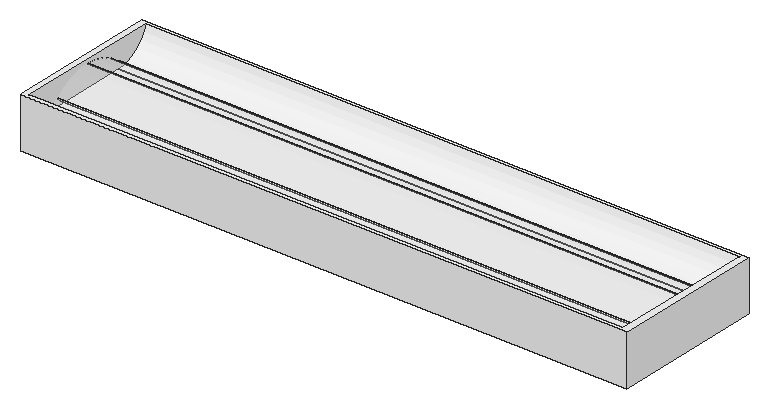
Revit family "TCAT14-G", category Lighting Fixtures, host Face, Revit 2021
Family settings
  Host = Face
  Round Connector Dimension = Use Diameter
  Part Type = Normal
  OmniClass Number = 23.80.70.11
  OmniClass Title = Luminaries for Internal Lighting
  Cut with Voids When Loaded = No
  Light Source = No
  Shared = No
  Room Calculation Point = No
Parameters (values of type "TCAT14")
  zz Length = Row Length - 1.000"  # 47.000"
  Width = 12.000"
  Warranty = "Five-year warranty"  # constant formula
  Voltage = 120 V
  Wattage Comments = "21-58 W"  # constant formula
  URL = "https://www.currentlighting.com/columbia"
  Product Page URL = ""
  Product Documentation Link = ""
  Photometric Web = Web TCAT14 : TCAT14-30VWx-EDU
  Model = "TCAT14"  # constant formula
  Manufacturer = "Columbia Lighting"  # constant formula
  Row Length = 48.000"
  Load Classification = Lighting
  Lamp = "LED lamp"  # constant formula
  Light Bulb = White Glass
  Description = "1'x 4' LED Twin Contemporary Architectural Troffer"  # constant formula
  Default Elevation = 48.000"
  Certifications = "UL1598, 2108 & CSA"  # constant formula
  Backbox = White
  Apparent Load = 0 VA
Reference planes (in)
  plane 1 "Center (Front/Back)": y = 0.03999
  plane 2: z = 0
  plane 3 "Center (Left/Right)": x = 1.66944
  plane 4: x = -22.33056
  plane 5: x = 25.66944
  plane 6: z = -4
  plane 7: y = -5.96001
  plane 8: y = 6.03999
Forms (in)
  Extrusion 1, void
    sketch origin (0, 0.03999, 0) x (1, 0, 0) y (0, 0, 1)
      loop
        line (-22.33056, 0) -> (-22.33056, -4) -> (25.66944, -4) -> (25.66944, 0) -> (-22.33056, 0)
    from -6 to 6
Dimensions and locks (in)
  equal spacing: plane 5, plane 3 "Center (Left/Right)", plane 4
  "Row Length": plane 5 to plane 4
  equal spacing: plane 7, plane 1 "Center (Front/Back)", plane 8
  "Width": plane 7 to plane 8
  aligned and locked: plane 2 to host face
  aligned and locked: level to host face
  aligned and locked: Extrusion 1 sketch curve to level
  aligned and locked: plane 4 to Extrusion 1 sketch curve
  aligned and locked: Extrusion 1 sketch curve to plane 5
  aligned and locked: plane 6 to Extrusion 1 sketch curve
  aligned and locked: Extrusion 1 to plane 8
  aligned and locked: plane 3 "Center (Left/Right)" to nested 1
  aligned and locked: plane 1 "Center (Front/Back)" to nested 1
  aligned and locked: Extrusion 1 to plane 7
  aligned and locked: nested 1 to nested 2
  aligned and locked: nested 2 to nested 1
Automatic sketch dimensions
  host sketch curve to host sketch curve = 96.000"  (x2)
Nested families (in)
  nested 1: "LED Contemporary Architectural Troffer" at (1.66944, 0.03999, -4), Glass <- "Light Bulb", Finish <- "Backbox", Width <- "Width", Row Length <- "Row Length", type "LED Contemporary Architectural Troffer"
    with Width 12.000", Row Length 48.000", Height 4.000", Glass White Glass, Finish White
  nested 2: "Web TCAT14" at (1.62945, -0.19897, -2) x (0, -1, 0) z (0, 0, 1), type <- "Photometric Web", type "TCAT14-30VWx-EDU"
Connectors (in)
  electrical at (1.66944, 0.03999, -4), driven by "Voltage", driven by "Load Classification", driven by "Apparent Load"
    settings: on nested 1, index 1, voltage 120 V, apparent load 0 VA, apparent load phase1 0 VA, apparent load phase2 0 VA, apparent load phase3 0 VA, power factor 1, load classification "Lighting", number of poles 1, system type 30, power factor state 1, is connector primary yes, connector utility no, sub classification motor no, connector description "Lighting Connector"
Definition of nested family "LED Contemporary Architectural Troffer"
  Parameters
    Width [instance] = 24.000"
    Row Length [instance] = 24.000"
    Height [instance] = 4.000"
    Glass [instance] = none
    Finish [instance] = none
    Default Elevation = 48.000"
  Reference planes (in)
    plane 1 "Center (Front/Back)": y = 0
    plane 2: z = 0
    plane 3 "Center (Left/Right)": x = 0
    plane 4: x = 12
    plane 5: x = -12
    plane 6: y = -12
    plane 7: y = 12
    plane 8: z = 4
    plane 9: x = -11.5
    plane 10: x = 11.5
    plane 11: y = -3
    plane 12: y = 3
    plane 13: z = 2
    plane 14: y = -11.75
    plane 15: y = 11.75
    plane 16: z = 0.25
  Forms (in)
    Extrusion 1, solid
      sketch origin (0, 0, 0) x (1, 0, 0) y (0, 1, 0)
        loop
          line (-48, 48) -> (-48, -48) -> (48, -48) -> (48, 48) -> (-48, 48)
      from 0 to -12
    Extrusion 2, solid, material <- "Glass"
      sketch origin (0, 0, 0) x (0, 1, 0) y (0, 0, 1)
        loop
          arc (-3.0054, 2) -> (-3.2554, 2.25) -> (-3.0054, 2.5) r 0.25
          arc (-3.0054, 2.5) -> (-1.62233, 3.40315) -> (0, 3.71395) r 4.27102
          arc (0, 3.71395) -> (1.62233, 3.40315) -> (3.0054, 2.5) r 4.27102
          arc (3.0054, 2.5) -> (3.2554, 2.25) -> (3.0054, 2) r 0.25
          line (3.0054, 2) -> (3.0054, 1.89823)
          arc (3.0054, 1.89823) -> (3.35619, 2.24902) -> (3.0054, 2.59982) r 0.35079
          arc (3.0054, 2.59982) -> (1.6184, 3.48995) -> (0, 3.80122) r 4.35698
          arc (0, 3.80122) -> (-1.6184, 3.48995) -> (-3.0054, 2.59982) r 4.35698
          arc (-3.0054, 2.59982) -> (-3.35619, 2.24902) -> (-3.0054, 1.89823) r 0.35079
          line (-3.0054, 1.89823) -> (-3.0054, 2)
      from -11.5 to 11.5
    Extrusion 3, solid, material <- "Finish"
      sketch origin (0, 0, 0) x (0, 1, 0) y (0, 0, 1)
        loop
          line (-12, 4) -> (-12, 0) -> (12, 0) -> (12, 4) -> (-12, 4)
      from 11.5 to 12
    Extrusion 4, solid, material <- "Finish"
      sketch origin (0, 0, 0) x (0, 1, 0) y (0, 0, 1)
        loop
          line (12, 4) -> (-12, 4) -> (-12, 0) -> (12, 0) -> (12, 4)
      from -12 to -11.5
    Extrusion 5, solid, material <- "Finish"
      sketch origin (0, 0, 0) x (0, 1, 0) y (0, 0, 1)
        loop
          line (-12, 0) -> (12, 0) -> (12, 4) -> (11.75, 4) -> (11.75, 0.25) -> (-11.75, 0.25) -> (-11.75, 4) -> (-12, 4) -> (-12, 0)
      from -11.5 to 11.5
    Extrusion 6, solid, material <- "Finish"
      sketch origin (0, 0, 0) x (0, 1, 0) y (0, 0, 1)
        loop
          arc (-3, 2) -> (-7.48783, 2.50637) -> (-11.75, 4) r 20.14062
          line (-11.75, 4) -> (-11.75, 0.25) -> (11.75, 0.25) -> (11.75, 4)
          arc (11.75, 4) -> (7.48783, 2.50637) -> (3, 2) r 20.14062
          line (3, 2) -> (-3, 2)
      from -12 to 12
  Cuts and joins
    joined: Extrusion 3, Extrusion 4, Extrusion 5, Extrusion 6
  Dimensions and locks (in)
    equal spacing: plane 4, plane 3 "Center (Left/Right)", plane 5
    "Row Length": plane 4 to plane 5
    equal spacing: plane 6, plane 1 "Center (Front/Back)", plane 7
    "Width": plane 6 to plane 7
    "Height": plane 8 to plane 2
    equal spacing: plane 10, plane 3 "Center (Left/Right)", plane 9
    locked: plane 9 to plane 5 at 0.5
    equal spacing: plane 11, plane 1 "Center (Front/Back)", plane 12
    locked: plane 11 to plane 1 "Center (Front/Back)" at 3
    locked: plane 6 to plane 14 at 0.25
    equal spacing: plane 14, plane 1 "Center (Front/Back)", plane 15
    locked: plane 16 to level at 0.25
    level to Extrusion 5 = 4.000"
    aligned and locked: plane 2 to Extrusion 1
    aligned and locked: level to Extrusion 1
    aligned and locked: Extrusion 2 to plane 10
    aligned and locked: Extrusion 2 to plane 9
    aligned and locked: plane 8 to Extrusion 3 sketch curve
    aligned and locked: plane 6 to Extrusion 3 sketch curve
    aligned and locked: level to Extrusion 3 sketch curve
    aligned and locked: Extrusion 3 sketch curve to plane 7
    aligned and locked: plane 4 to Extrusion 3
    aligned and locked: plane 10 to Extrusion 3
    aligned and locked: Extrusion 4 sketch curve to Extrusion 3  (x4)
    aligned and locked: Extrusion 4 to plane 5
    aligned and locked: plane 9 to Extrusion 4
    aligned and locked: Extrusion 5 sketch curve to Extrusion 3  (x4)
    aligned and locked: plane 8 to Extrusion 5 sketch curve
    aligned and locked: Extrusion 5 sketch curve to plane 14
    aligned and locked: plane 16 to Extrusion 5 sketch curve
    aligned and locked: Extrusion 5 sketch curve to plane 15
    aligned and locked: Extrusion 5 to plane 10
    aligned and locked: Extrusion 5 to plane 9
    aligned and locked: plane 13 to Extrusion 6 sketch curve
    aligned and locked: plane 12 to Extrusion 6 sketch curve
    aligned and locked: plane 11 to Extrusion 6 sketch curve
    aligned and locked: Extrusion 6 sketch curve to plane 14
    aligned and locked: plane 16 to Extrusion 6 sketch curve
    aligned and locked: Extrusion 6 sketch curve to plane 15
    aligned and locked: plane 4 to Extrusion 6
    aligned and locked: Extrusion 6 to plane 5
  Automatic sketch dimensions
    Extrusion 1 sketch curve to Extrusion 1 sketch curve = 96.000"  (x2)
    plane 13 to Extrusion 2 sketch curve = 0.000"  (x2)
    Extrusion 2 sketch curve to plane 1 "Center (Front/Back)" = 0.000"  (x2)
    plane 1 "Center (Front/Back)" to Extrusion 2 sketch curve = 0.00113"
    Extrusion 2 sketch curve to Extrusion 2 sketch curve = 0.0216"  (x2)
    Extrusion 2 sketch curve to plane 11 = 0.0054"
    Extrusion 2 sketch curve to plane 1 "Center (Front/Back)" = 0.00113"
    Extrusion 2 sketch curve to plane 12 = 0.0054"
    plane 13 to Extrusion 2 sketch curve = 0.10177"  (x2)
    Extrusion 2 sketch curve to level = 0.55575"
    Extrusion 2 sketch curve to Extrusion 2 sketch curve = 0.000"
    Extrusion 2 sketch curve to Extrusion 2 sketch curve = 0.00126"  (x2)
    Extrusion 2 sketch curve to Extrusion 2 sketch curve = 0.24902"
    Extrusion 2 sketch curve to Extrusion 2 sketch curve = 0.00098"
    plane 8 to Extrusion 6 sketch curve = 0.000"  (x2)
Definition of nested family "Web TCAT14"
  Parameters
    Wattage Comments = ""
    Wattage = 44 W
    built-in parameter 1150110 = 1 (stored number, unit not read)
    URL = ""
    built-in parameter 1114217 = 1 (stored number, unit not read)
    Tilt Angle = 90.00°
    built-in parameter 1150109 = 1 (stored number, unit not read)
    built-in parameter 1150134 = 2
    built-in parameter 1150113 = 1 (stored number, unit not read)
    Product Page URL = ""
    Product Documentation Link = ""
    Photometric Web File = "TCAT14-50XWx-EDU.ies"
    Model = ""
    Manufacturer Phone = ""
    Manufacturer Fax = ""
    Manufacturer = ""
    built-in parameter 1150105 = 343.14 (stored number, unit not read)
    Lumens = 4312 lm
    built-in parameter 1150115 = 1 (stored number, unit not read)
    built-in parameter 1150137 = (empty or 0)
    built-in parameter 1150139 = (empty or 0)
    built-in parameter 1150112 = 1 (stored number, unit not read)
    built-in parameter 1150114 = 1 (stored number, unit not read)
    Lamp = ""
    built-in parameter 1150132 = (empty or 0)
    built-in parameter 1150102 = (empty or 0)
    built-in parameter 1150107 = 5000 (stored number, unit not read)
    built-in parameter 1150138 = (empty or 0)
    built-in parameter 1150106 = 3.4314 (stored number, unit not read)
    Emit from Rectangle Width = 6.000"
    Emit from Rectangle Length = 47.000"
    Emit Shape Visible in Rendering = no
    built-in parameter 1150104 = 9.1045 (stored number, unit not read)
    Dimming Lamp Color Temperature Shift = (empty or 0)
    Description = ""
    Default Elevation = 48.000"
    Color Filter = 16777215
    built-in parameter 1114218 = 1 (stored number, unit not read)
    built-in parameter 1150133 = 10 (stored number, unit not read)
  Reference planes (in)
    plane 1 "Center (Front/Back)": y = 0.03999
    plane 2: z = 0
    plane 3 "Center (Left/Right)": x = -0.23896
  Forms (in)
    Extrusion 1, solid
      sketch origin (0, 0, 0.06357) x (1, 0, 0) y (0, 1, 0)
        loop
          line (-48, 48) -> (-48, -48) -> (48, -48) -> (48, 48) -> (-48, 48)
      from -0.06357 to -6.74357
  Lines and regions (in)
    reference lines
      curve 1: line (-0.23896, 0.03999, 18.11448) -> (-0.23896, 0.03999, -22.88552)
      curve 2: line (-0.23896, 0.03999, 34) -> (-0.23896, 0.03999, -22.88552)
  Dimensions and locks (in)
    aligned and locked: plane 2 to Extrusion 1
    aligned and locked: level to Extrusion 1
    aligned and locked: curve 1 to plane 3 "Center (Left/Right)"
    aligned and locked: plane 1 "Center (Front/Back)" to curve 2
    aligned and locked: imposter light to plane 1 "Center (Front/Back)"
    aligned and locked: imposter light to level
    aligned and locked: plane 3 "Center (Left/Right)" to imposter light
